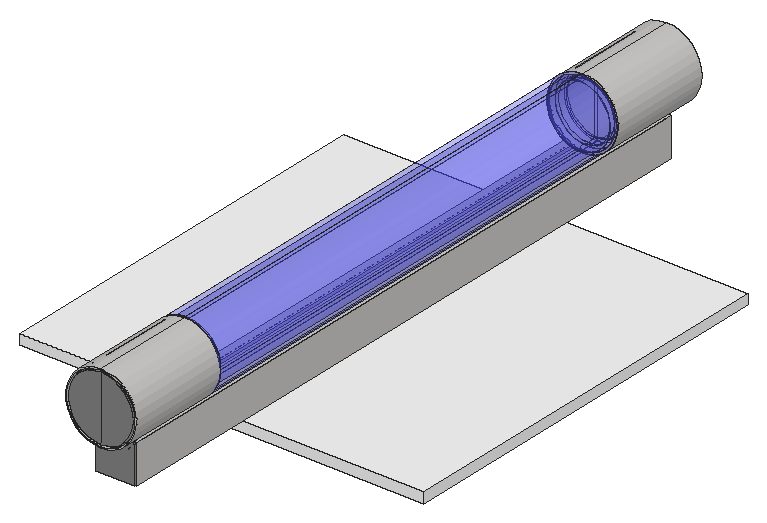
Revit family "BE_23256.2_de_DE", category Leuchten, Revit 2015
Parameters (values of type "BEGA_23256.2_K4")
  built-in parameter 1150104 = 11.613 (stored number, unit not read)
  Wattage = 16 W
  Default Elevation = 0 mm
  built-in parameter 1150113 = 1 (stored number, unit not read)
  built-in parameter 1114218 = 1 (stored number, unit not read)
  Umgebungstemperatur = "25 °C"
  URL = "http://www.bega.de/produkt/23256.2"
  Typenkommentare = "© 2017 BEGA. Wir behalten uns das Recht vor, technische Änderungen ohne vorherige Ankündigung vorzunehmen."  # constant formula
  built-in parameter 1150134 = 12
  built-in parameter 1150109 = 1 (stored number, unit not read)
  Strom = ""
  built-in parameter 1150110 = 1 (stored number, unit not read)
  Spannung = 239.996 V
  Sonderanfertigung = no
  Seriennummer [instance] = "Hier können Sie die eindeutige Seriennummer für das Facility Management eintragen."
  Schutzklasse = "I"
  Schutzart = "IP 44"
  Scheinlast = 0 VA
  Produktdatenblatt = "http://www.bega.de/download/Xrfa/db/23256.2.db.de.pdf"
  Oberflächentemperatur = ""
  Neigungswinkel = 0.00°
  Modell = "23256.2K4"
  Material_17 = BEGA_Reflektor
  Material_15 = BEGA_Leuchtmedium_matt
  Material_11 = BEGA_Glas_opal
  Material_09 = BEGA_Glas_klar
  Material_06 = BEGA_Oberfläche_Edelstahl_gebürstet
  Material_05 = BEGA_Oberfläche_Aluminium Guss
  Material_04 = BEGA_Kunststoff_Grafit_matt
  Material_03 = BEGA_Oberfläche_Weiss_matt
  Material_02 = BEGA_Oberfläche_Silber_matt
  Material_01 [instance] = BEGA_Oberfläche_Grafit_matt
  M_W = no
  M_G = no
  M_A = no
  Logo = 0
  built-in parameter 1114217 = 1 (stored number, unit not read)
  built-in parameter 1150139 = (empty or 0)
  built-in parameter 1150105 = 159.15 (stored number, unit not read)
  built-in parameter 1150114 = 1 (stored number, unit not read)
  Lumens = 2000 lm
  built-in parameter 1150115 = 1 (stored number, unit not read)
  Leuchtenlichtstrom = "1234 lm"
  Leuchtenanzahl = ""
  Lebensdauerkriterien = "L70B50 @ 25 °C = 250000 h"
  Lastklassifizierung = Beleuchtung
  built-in parameter 1150112 = 1 (stored number, unit not read)
  Lampenlichtstrom = "2000 lm"
  Lampe = "LED 16 W"
  LED_Modulbezeichnung = "2x LED-0425/940"
  Hersteller = "BEGA"  # constant formula
  Halbstreuwinkel = ""
  Gewicht = "2.2 kg"
  Gebrauchslageneinschränkung [instance] = ""
  Frequenz = "0/50-60 Hz"
  Farbwiedergabeindex = "Ra > 90"
  Farbtemperaturverschiebung bei Dämpfen der Lampe = <Keine Auswahl>
  Farbtemperatur = "4000 K"
  Color Filter = 16777215
  built-in parameter 1150133 = 10 (stored number, unit not read)
  Energieeffizienzklasse = "LED A++ - A"
  built-in parameter 1150137 = (empty or 0)
  built-in parameter 1150132 = (empty or 0)
  ENEC = ""
  Dimmbar [instance] = ""
  Datei für fotometrisches Netz = "BE_23256K4.IES"
  CE_Konformität = "ja"
  Bestellnummer = "23256.2K4"
  Beschreibung_Sonderanfertigung = "Hier können Sie Informationen zur Sonderanfertigung eintragen."
  Beschreibung = "Wandleuchte"
  built-in parameter 1150106 = 1.5915 (stored number, unit not read)
  Befestigungsbohrung = "Ø 6 mm"
  Befestigungsabstand = "460 mm"
  Ballwurfsicher = ""
  BEGA_Intern_aus = yes
  BEGA_Intern_an = yes
  BEGA_Intern_Konstruktion = yes
  BEGA_Intern = yes
  BEGA_IES = yes
  BEGA_Dummy = no
  Anschlussleitung = ""
  Anschlussleistung [instance] = "19.2 W"
  Anschlusskasten = ""
  built-in parameter 1150107 = 4000 (stored number, unit not read)
  built-in parameter 1150102 = (empty or 0)
  built-in parameter 1150138 = (empty or 0)
  Aktualisierung = "2017-09-29T04:10:01"
  Abstand_zur_angestrahlten_Fläche [instance] = ""
  AC/DC = "AC/DC"
Types (2, lengths in mm): name | built-in parameter 1150104 | built-in parameter 1150134 | Modell | built-in parameter 1150105 | Lumens | Leuchtenlichtstrom | Lampenlichtstrom | LED_Modulbezeichnung | Farbtemperatur | Datei für fotometrisches Netz | Bestellnummer | built-in parameter 1150106 | built-in parameter 1150107
  BEGA_23256.2_K4 | 11.613 (stored number, unit not read) | 12 | "23256.2K4" | 159.15 (stored number, unit not read) | 2000 lm | "1234 lm" | "2000 lm" | "2x LED-0425/940" | "4000 K" | "BE_23256K4.IES" | "23256.2K4" | 1.5915 (stored number, unit not read) | 4000 (stored number, unit not read)
  BEGA_23256.2_K3 | 10.74 (stored number, unit not read) | (empty or 0) | "23256.2" | 147.19 (stored number, unit not read) | 1849.6 lm | "1142 lm" | "1850 lm" | "2x LED-0425/930" | "3000 K" | "BE_23256.IES" | "23256.2" | 1.4719 (stored number, unit not read) | 3000 (stored number, unit not read)
Reference planes
  plane 1 "Mitte (Vorne/Hinten)": y = 0
  plane 2: z = 0
  plane 3 "Mitte (Links/Rechts)": x = 0
  plane 4 "Links": x = -35
  plane 5 "Rechts": x = 35
  plane 6 "Unten": y = -349.5
  plane 7 "Oben": y = 349.5
  plane 8 "Vorne": z = 104.517
  plane 9 "Hinten": z = 0
Forms (mm)
  Extrusion 1, solid, material "BEGA_Platte_Weiss"
    sketch origin (0, -1119.2, 0) x (1, 0, 0) y (0, 1, 0)
      loop
        line (-200, 1319.2) -> (-200, 919.2) -> (200, 919.2) -> (200, 1319.2) -> (-200, 1319.2)
    from 0 to -10
  Extrusion 2, solid, material "BEGA_Dummy_matt", visible <- "BEGA_Dummy"
    sketch origin (80.095, -76.023, 0) x (1, 0, 0) y (0, 1, 0)
      loop
        line (-115.095, 425.523) -> (-115.095, -273.477) -> (-45.095, -273.477) -> (-45.095, 425.523) -> (-115.095, 425.523)
    from 0 to 104.517
Dimensions and locks
  plane 1 "Mitte (Vorne/Hinten)" to Extrusion 1 = 200 mm
  aligned and locked: plane 2 to Extrusion 1
  aligned and locked: level to Extrusion 1
Nested families
  nested 1: "BE_23256.2" at (0, 0, 0) x (0, 1, 0) z (0, 0, 1), type "BE_23256.2"
Connectors
  electrical at (0, 0, 0), driven by "Lastklassifizierung", driven by "Spannung", driven by "Scheinlast"
    settings: index 1, voltage 239.996 V, apparent load 0 VA, apparent load phase1 0 VA, apparent load phase2 0 VA, apparent load phase3 0 VA, power factor 1, load classification "Beleuchtung", number of poles 1, system type 31, power factor state 1, is connector primary yes, connector utility no, sub classification motor no, connector description ""
Definition of nested family "BE_23256.2"
  Parameters (values of type "BE_23256.2")
    Default Elevation = 1 mm
    URL = "http://www.bega.de/de/produkt"
    Type Comments = "© 2015 BEGA. Wir behalten uns das Recht vor, technische Änderungen ohne vorherige Ankündigung vorzunehmen. "  # constant formula
    Type Image = (empty or 0)
    Neigungswinkel_um_Z2 = 0.00°
    Neigungswinkel_um_Z1 = 0.00°
    Neigungswinkel_um_Y2 = 0.00°
    Neigungswinkel_um_Y1 = 0.00°
    Neigungswinkel_um_X2 = 0.00°
    Neigungswinkel_um_X1 = 0.00°
    Material_17 = none
    Material_15 = none
    Material_11 = none
    Material_09 = none
    Material_06 = none
    Material_05 = none
    Material_04 = none
    Material_03 = none
    Material_02 = none
    Material_01 = none
    M_W = yes
    M_G = yes
    M_A = yes
    Länge_Platte = 800 mm  # constant formula
    Höhe_Platte = -10 mm  # constant formula
    Manufacturer = "BEGA"  # constant formula
    Drehwinkel_um_Z2 = 0.00°
    Drehwinkel_um_Z1 = 0.00°
    Breite_Platte = 200 mm  # constant formula
  Reference planes
    plane 1 "Mitte (Oben/Unten)": y = 0
    plane 2: z = 0
    plane 3 "Mitte (Links/Rechts)": x = 0
    plane 4: y = 35
    plane 5: y = -35
    plane 6: z = 104.517
    plane 7: x = -349.5
    plane 8: x = 349.5
    plane 9: z = 104.517
  Forms (mm)
    Extrusion 1, solid, detail levels medium
      sketch origin (0, 0, 0) x (1, 0, 0) y (0, 1, 0)
        loop
          line (-400, 100) -> (-400, -100) -> (400, -100) -> (400, 100) -> (-400, 100)
      from 0 to -10 <- "Höhe_Platte"
    Extrusion 2, solid, material <- "Material_06", detail levels medium+fine
      sketch origin (0, 0, 0) x (0, 1, 0) y (0, 0, 1)
        loop
          line (-20, 37.5) -> (-20, 0) -> (-15.75, 0) -> (-15.75, 6.5) -> (-16.8, 6.5)
          arc (-16.8, 6.5) -> (-17.507, 6.793) -> (-17.8, 7.5) r 1
          line (-17.8, 7.5) -> (-17.8, 32.29)
          arc (-17.8, 32.29) -> (-16.811, 33.7) -> (-15.148, 33.251) r 1.5
          line (-15.148, 33.251) -> (-11.917, 29.4) -> (11.917, 29.4) -> (15.148, 33.251)
          arc (15.148, 33.251) -> (16.811, 33.7) -> (17.8, 32.29) r 1.5
          line (17.8, 32.29) -> (17.8, 7.5)
          arc (17.8, 7.5) -> (17.507, 6.793) -> (16.8, 6.5) r 1
          line (16.8, 6.5) -> (15.75, 6.5) -> (15.75, 0) -> (20, 0) -> (20, 37.5) -> (18, 39.5)
          arc (18, 39.5) -> (15.101, 37.578) -> (12, 36.005) r 30
          line (12, 36.005) -> (12, 33.9)
          arc (12, 33.9) -> (11.561, 32.839) -> (10.5, 32.4) r 1.5
          line (10.5, 32.4) -> (-10.5, 32.4)
          arc (-10.5, 32.4) -> (-11.561, 32.839) -> (-12, 33.9) r 1.5
          line (-12, 33.9) -> (-12, 36.005)
          arc (-12, 36.005) -> (-15.101, 37.578) -> (-18, 39.5) r 30
          line (-18, 39.5) -> (-20, 37.5)
      from -330.5 to 329.203
    Extrusion 3, solid, material <- "Material_06", detail levels medium+fine
      sketch origin (0, 0, 0) x (1, 0, 0) y (0, 0, 1)
        loop
          line (222.5, 4.3) -> (222.5, 1) -> (242.5, 1) -> (242.5, 4.3) -> (222.5, 4.3)
        loop
          line (-237.5, 4.3) -> (-237.5, 1) -> (-217.5, 1) -> (-217.5, 4.3) -> (-237.5, 4.3)
      from -17.577 to 17.577
    Extrusion 4, solid, material <- "Material_04", detail levels medium+fine
      sketch origin (0, 0, 0) x (0, 1, 0) y (0, 0, 1)
        loop
          line (-18.99, 0.01) -> (18.99, 0.01) -> (19, 36.578) -> (17.542, 38.036)
          arc (17.542, 38.036) -> (0, 32.49) -> (-17.542, 38.036) r 30.51
          line (-17.542, 38.036) -> (-18.99, 36.588) -> (-18.99, 0.01)
      from 329.203 to 331
    Extrusion 5, solid, material <- "Material_04", detail levels medium+fine
      sketch origin (0, 0, 0) x (0, 1, 0) y (0, 0, -1)
        loop
          line (-18.99, -0.01) -> (-18.99, -36.588) -> (-17.542, -38.036)
          arc (-17.542, -38.036) -> (0, -32.49) -> (17.542, -38.036) r 30.51
          line (17.542, -38.036) -> (19, -36.578) -> (18.99, -0.01) -> (-18.99, -0.01)
      from 330.5 to 332
    Extrusion 6, void
      sketch origin (0, 0, 0) x (1, 0, 0) y (0, 1, 0)
        loop
          arc (229.5, 3) -> (226.5, 0) -> (229.5, -3) r 3
          line (229.5, -3) -> (235.5, -3)
          arc (235.5, -3) -> (237.616, -2.127) -> (238.5, -0.016) r 3
          arc (238.5, -0.016) -> (237.616, 2.127) -> (235.5, 3) r 3
          line (235.5, 3) -> (229.5, 3)
        loop
          arc (-224.5, 3) -> (-227.5, 6) -> (-230.5, 3) r 3
          line (-230.5, 3) -> (-230.5, -3)
          arc (-230.5, -3) -> (-229.628, -5.114) -> (-227.485, -6) r 3
          arc (-227.485, -6) -> (-225.373, -5.116) -> (-224.5, -3) r 3
          line (-224.5, -3) -> (-224.5, 3)
      from 0 to 6.5
    Revolve 7, void
      sketch origin (-299.5, 0, 0) x (0, 1, 0) y (0, 0, 1)
        loop
          line (-6, 32.4) -> (-6, 29.4) -> (0, 29.4) -> (0, 32.4) -> (-6, 32.4)
        axis (0, 32.4) -> (0, 29.4)
      angle from 0 to 360
    Revolve 8, solid, material <- "Material_06", detail levels medium+fine
      sketch origin (0, 0, 0) x (1, 0, 0) y (0, 0, 1)
        loop
          line (-349.5, 103.267) -> (-346.93, 103.267) -> (-346.16, 102.822) -> (-334.5, 102.517) -> (-246.5, 102.517) -> (-246.5, 104.517) -> (-349.5, 104.517) -> (-349.5, 103.267)
        loop
          line (349.5, 103.267) -> (349.5, 104.517) -> (246.5, 104.517) -> (246.5, 102.517) -> (334.5, 102.517) -> (346.16, 102.822) -> (346.93, 103.267) -> (349.5, 103.267)
        axis (-349.5, 69.517) -> (349.5, 69.517)
      angle from 0 to 360
    Revolve 9, solid, material <- "Material_04", detail levels medium+fine
      sketch origin (0, 0, 0) x (1, 0, 0) y (0, 0, 1)
        loop
          line (-349.5, 101.517) -> (-349.5, 69.517) -> (-343.5, 69.517) -> (-343.5, 100.067) -> (-334.5, 100.381) -> (-334.5, 103.017) -> (-346.5, 103.017) -> (-346.5, 101.517) -> (-349.5, 101.517)
        loop
          line (349.5, 101.517) -> (346.5, 101.517) -> (346.5, 103.017) -> (334.5, 103.017) -> (334.5, 100.381) -> (343.5, 100.067) -> (343.5, 69.517) -> (349.5, 69.517) -> (349.5, 101.517)
        axis (-349.5, 69.517) -> (349.5, 69.517)
      angle from 0 to 360
    Revolve 10, solid, material <- "Material_11", detail levels medium+fine
      sketch origin (0, 0, 0) x (1, 0, 0) y (0, 0, 1)
        loop
          line (-252, 98.517) -> (-247.915, 98.517)
          arc (-247.915, 98.517) -> (-243.622, 97.721) -> (-240.493, 100.767) r 4.75
          line (-240.493, 100.767) -> (241.493, 100.767)
          arc (241.493, 100.767) -> (244.622, 97.721) -> (248.915, 98.517) r 4.75
          line (248.915, 98.517) -> (252.836, 98.517) -> (261.25, 97.781) -> (261.25, 69.517) -> (265, 69.517) -> (265, 99.388)
          arc (265, 99.388) -> (264.476, 100.734) -> (263.184, 101.376) r 2
          line (263.184, 101.376) -> (253, 102.267) -> (245, 102.36) -> (245, 104.517) -> (-245, 104.517) -> (-245, 102.267) -> (-252, 102.267) -> (-252, 98.517)
        axis (-252, 69.517) -> (265, 69.517)
      angle from 0 to 360
    Revolve 11, void
      sketch origin (0, 0, 0) x (1, 0, 0) y (0, 0, 1)
        loop
          line (346.8, 79.117) -> (346.8, 69.517) -> (349.713, 69.517) -> (349.713, 79.295) -> (346.8, 79.117)
        axis (346.8, 69.517) -> (349.713, 69.517)
      angle from 0 to 360
    Revolve 12, solid, material <- "Material_06", detail levels fine
      sketch origin (0, 0, 0) x (1, 0, 0) y (0, 0, 1)
        loop
          line (346.8, 79.017) -> (346.8, 69.517) -> (349.3, 69.517) -> (349.3, 79.017) -> (346.8, 79.017)
        axis (346.8, 69.517) -> (349.3, 69.517)
      angle from 0 to 360
  Cuts and joins
    joined: Extrusion 4, Extrusion 5
    Revolve 7 cuts Extrusion 2
    Extrusion 6 cuts Extrusion 3
    joined: Extrusion 2, Extrusion 3
    Revolve 11 cuts Revolve 9
  Dimensions and locks
    equal spacing: Extrusion 1 sketch curve, plane 3 "Mitte (Links/Rechts)", Extrusion 1 sketch curve
    equal spacing: Extrusion 1 sketch curve, plane 1 "Mitte (Oben/Unten)", Extrusion 1 sketch curve
    "Länge_Platte": Extrusion 1 sketch curve to Extrusion 1 sketch curve
    "Breite_Platte": Extrusion 1 sketch curve to Extrusion 1 sketch curve
    aligned and locked: Extrusion 1 to plane 2
    aligned and locked: level to Extrusion 1
  Automatic sketch dimensions
    Extrusion 2 sketch curve to Extrusion 2 sketch curve = 0 mm  (x2)
    Extrusion 2 sketch curve to level = 0 mm  (x2)
    Extrusion 2 sketch curve to plane 1 "Mitte (Oben/Unten)" = 0 mm
    plane 1 "Mitte (Oben/Unten)" to Extrusion 2 sketch curve = 10.5 mm
    Extrusion 2 sketch curve to Extrusion 2 sketch curve = 1.417 mm  (x2)
    Extrusion 2 sketch curve to Extrusion 2 sketch curve = 1.5 mm  (x3)
    Extrusion 2 sketch curve to Extrusion 2 sketch curve = 3.148 mm  (x2)
    plane 1 "Mitte (Oben/Unten)" to Extrusion 2 sketch curve = 15.75 mm
    Extrusion 2 sketch curve to Extrusion 2 sketch curve = 1.152 mm  (x2)
    Extrusion 2 sketch curve to Extrusion 2 sketch curve = 1.05 mm  (x2)
    Extrusion 2 sketch curve to Extrusion 2 sketch curve = 1 mm
    Extrusion 2 sketch curve to Extrusion 2 sketch curve = 2.852 mm  (x2)
    Extrusion 2 sketch curve to Extrusion 2 sketch curve = 2 mm  (x2)
    Extrusion 2 sketch curve to plane 1 "Mitte (Oben/Unten)" = 10.5 mm
    level to Extrusion 2 sketch curve = 6.5 mm  (x2)
    Extrusion 2 sketch curve to plane 1 "Mitte (Oben/Unten)" = 15.75 mm
    Extrusion 2 sketch curve to Extrusion 2 sketch curve = 4.25 mm
    Extrusion 2 sketch curve to Extrusion 2 sketch curve = 21.9 mm
    Extrusion 2 sketch curve to Extrusion 2 sketch curve = 2.89 mm  (x2)
    Extrusion 2 sketch curve to Extrusion 2 sketch curve = 3 mm
    Extrusion 2 sketch curve to Extrusion 2 sketch curve = 2.105 mm  (x2)
    Extrusion 2 sketch curve to Extrusion 2 sketch curve = 5.21 mm  (x2)
    level to Extrusion 3 sketch curve = 1 mm  (x2)
    Extrusion 3 sketch curve to Extrusion 3 sketch curve = 20 mm  (x2)
    level to Extrusion 3 sketch curve = 4.3 mm
    Extrusion 3 sketch curve to Extrusion 3 sketch curve = 3.3 mm
    Extrusion 4 sketch curve to plane 1 "Mitte (Oben/Unten)" = 0 mm
    Extrusion 4 sketch curve to plane 5 = 17.458 mm
    level to Extrusion 4 sketch curve = 0.01 mm
    Extrusion 4 sketch curve to plane 5 = 16.01 mm
    Extrusion 4 sketch curve to plane 4 = 17.458 mm
    Extrusion 4 sketch curve to plane 4 = 16.01 mm
    Extrusion 4 sketch curve to Extrusion 4 sketch curve = 1.458 mm  (x2)
    Extrusion 4 sketch curve to Extrusion 4 sketch curve = 36.567 mm
    Extrusion 4 sketch curve to Extrusion 4 sketch curve = 36.578 mm
    Extrusion 5 sketch curve to plane 1 "Mitte (Oben/Unten)" = 0 mm
    Extrusion 5 sketch curve to plane 5 = 17.458 mm
    level to Extrusion 5 sketch curve = 0.01 mm
    Extrusion 5 sketch curve to plane 5 = 16.01 mm
    Extrusion 5 sketch curve to plane 4 = 17.458 mm
    Extrusion 5 sketch curve to plane 4 = 16.01 mm
    Extrusion 5 sketch curve to Extrusion 5 sketch curve = 1.458 mm
    Extrusion 5 sketch curve to Extrusion 5 sketch curve = 36.567 mm
    Extrusion 5 sketch curve to Extrusion 5 sketch curve = 36.578 mm
    Extrusion 5 sketch curve to Extrusion 5 sketch curve = 1.448 mm
    Extrusion 6 sketch curve to Extrusion 6 sketch curve = 0 mm  (x5)
    plane 1 "Mitte (Oben/Unten)" to Extrusion 6 sketch curve = 0 mm  (x2)
    Extrusion 6 sketch curve to plane 1 "Mitte (Oben/Unten)" = 3 mm
    Extrusion 6 sketch curve to Extrusion 6 sketch curve = 3 mm  (x2)
    plane 1 "Mitte (Oben/Unten)" to Extrusion 6 sketch curve = 3 mm  (x2)
    Extrusion 6 sketch curve to Extrusion 6 sketch curve = 6 mm
    Extrusion 6 sketch curve to Extrusion 6 sketch curve = 0.02 mm
    Extrusion 6 sketch curve to Extrusion 6 sketch curve = 0.035 mm
    Extrusion 6 sketch curve to plane 1 "Mitte (Oben/Unten)" = 0.016 mm
    plane 1 "Mitte (Oben/Unten)" to Extrusion 6 sketch curve = 0.016 mm
    Revolve 7 sketch curve to plane 1 "Mitte (Oben/Unten)" = 0 mm  (x2)
    Revolve 7 sketch curve to Revolve 7 sketch curve = 6 mm
    level to Revolve 7 sketch curve = 29.4 mm
    Revolve 7 sketch curve to Revolve 7 sketch curve = 3 mm
    Revolve 7 sketch curve to Revolve 7 sketch curve = 4.732 mm
    Revolve 7 sketch curve to Revolve 7 sketch curve = 0 mm
    Extrusion 4 sketch curve to Extrusion 4 sketch curve = 24.964 mm
    Extrusion 5 sketch curve to Extrusion 5 sketch curve = 24.964 mm
    Revolve 8 sketch curve to Revolve 8 sketch curve = 2.57 mm
    Revolve 8 sketch curve to Revolve 8 sketch curve = 0.77 mm  (x2)
    Revolve 8 sketch curve to Revolve 8 sketch curve = 11.66 mm
    Revolve 8 sketch curve to Revolve 8 sketch curve = 88 mm
    level to Revolve 8 sketch curve = 102.517 mm  (x2)
    Revolve 8 sketch curve to Revolve 8 sketch curve = 0.305 mm  (x2)
    Revolve 8 sketch curve to Revolve 8 sketch curve = 0.445 mm  (x2)
    Revolve 8 sketch curve to Revolve 8 sketch curve = 2 mm  (x2)
    Revolve 8 sketch curve to Revolve 8 sketch curve = 27.869 mm
    Revolve 8 sketch curve to Revolve 8 sketch curve = 33 mm
    Revolve 9 sketch curve to Revolve 9 sketch curve = 3 mm
    Revolve 9 sketch curve to Revolve 9 sketch curve = 6 mm  (x2)
    Revolve 9 sketch curve to Revolve 9 sketch curve = 9 mm  (x2)
    level to Revolve 9 sketch curve = 69.517 mm  (x2)
    Revolve 9 sketch curve to Revolve 9 sketch curve = 30.55 mm  (x2)
    Revolve 9 sketch curve to Revolve 9 sketch curve = 0.314 mm  (x2)
    Revolve 9 sketch curve to Revolve 9 sketch curve = 1.45 mm  (x2)
    Revolve 9 sketch curve to Revolve 9 sketch curve = 1.5 mm  (x2)
    Revolve 9 sketch curve to Revolve 9 sketch curve = 4 mm
    Revolve 9 sketch curve to Revolve 9 sketch curve = 0 mm
    level to Revolve 12 sketch curve = 69.517 mm
    Revolve 12 sketch curve to Revolve 12 sketch curve = 9.5 mm
    Revolve 12 sketch curve to Revolve 12 sketch curve = 0 mm  (x2)
    Revolve 10 sketch curve to plane 6 = 0 mm
    plane 6 to Revolve 10 sketch curve = 2.25 mm  (x2)
    Revolve 10 sketch curve to Revolve 10 sketch curve = 4.085 mm
    Revolve 10 sketch curve to Revolve 10 sketch curve = 2.915 mm  (x2)
    Revolve 10 sketch curve to Revolve 10 sketch curve = 0 mm
    Revolve 10 sketch curve to Revolve 10 sketch curve = 4.507 mm
    plane 6 to Revolve 10 sketch curve = 3.75 mm
    plane 6 to Revolve 10 sketch curve = 2.157 mm
    Revolve 10 sketch curve to Revolve 10 sketch curve = 3.507 mm
    Revolve 10 sketch curve to Revolve 10 sketch curve = 1 mm
    Revolve 10 sketch curve to Revolve 10 sketch curve = 3.921 mm
    Revolve 10 sketch curve to Revolve 10 sketch curve = 0.164 mm
    Revolve 10 sketch curve to Revolve 10 sketch curve = 8.414 mm
    Revolve 10 sketch curve to Revolve 10 sketch curve = 1.75 mm
    plane 6 to Revolve 10 sketch curve = 3.141 mm
    Revolve 10 sketch curve to Revolve 10 sketch curve = 0.184 mm
    Revolve 10 sketch curve to Revolve 10 sketch curve = 3.75 mm  (x3)
    Revolve 10 sketch curve to Revolve 10 sketch curve = 1.988 mm
    Revolve 10 sketch curve to Revolve 10 sketch curve = 1.604 mm
    Revolve 10 sketch curve to Revolve 10 sketch curve = 28.264 mm
    Revolve 10 sketch curve to plane 3 "Mitte (Links/Rechts)" = 46.5 mm
    plane 3 "Mitte (Links/Rechts)" to Revolve 10 sketch curve = 23.5 mm
    plane 6 to Revolve 10 sketch curve = 35 mm
    Revolve 11 sketch curve to Revolve 11 sketch curve = 2.913 mm
    plane 6 to Revolve 11 sketch curve = 35 mm
    Revolve 11 sketch curve to Revolve 11 sketch curve = 9.6 mm
    Revolve 11 sketch curve to Revolve 11 sketch curve = 0.178 mm
    Revolve 11 sketch curve to Revolve 11 sketch curve = 0 mm  (x2)
    Revolve 11 sketch curve to Revolve 11 sketch curve = 0.462 mm
    plane 7 to Extrusion 3 sketch curve = 132 mm
    plane 7 to Extrusion 6 sketch curve = 125 mm
    Revolve 8 sketch curve to plane 7 = 0 mm
    Revolve 8 sketch curve to Revolve 8 sketch curve = 43.754 mm
    Revolve 9 sketch curve to plane 7 = 0 mm  (x2)
    plane 7 to Revolve 10 sketch curve = 109.007 mm
    plane 8 to Extrusion 3 sketch curve = 127 mm
    plane 8 to Extrusion 6 sketch curve = 120 mm
    Revolve 8 sketch curve to plane 8 = 0 mm
    plane 8 to Revolve 8 sketch curve = 103 mm
    plane 8 to Revolve 8 sketch curve = 15 mm
    plane 8 to Revolve 8 sketch curve = 3.34 mm
    plane 8 to Revolve 9 sketch curve = 0 mm
    plane 8 to Revolve 9 sketch curve = 3 mm
    plane 8 to Revolve 10 sketch curve = 108.007 mm
    plane 8 to Revolve 11 sketch curve = 2.7 mm
    plane 8 to Revolve 12 sketch curve = 2.7 mm
    plane 8 to Revolve 12 sketch curve = 0.2 mm
    Revolve 12 sketch curve to plane 8 = 0.342 mm
